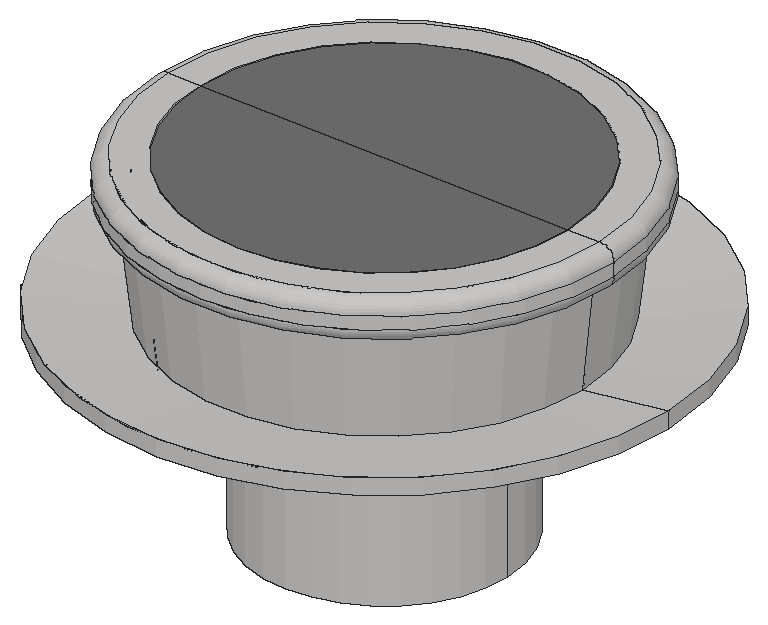
Revit family
Parameters (values of type "4" Diameter")
  Weight (lb) = 18.29
  Waste Connection = no
  Warranty = "1 year material and workmanship"  # constant formula
  Vent Connection = no
  URL = "http://www.jrsmith.com"
  Technical and Installation = "http://www.jrsmith.com/products/sanit/tech_data_index.htm"
  SmartBIM Object Version = 3  # constant formula
  SmartBIM Object Created By = "Reed Construction Data"  # constant formula
  Product URL = "http://www.jrsmith.com/products/sanit/submittal/d3020.pdf"
  Pipe Radius = Pipe Diameter / 2  # 2"
  Pipe Diameter = 4"
  OmniClass Title = "Sanitary Drains"  # constant formula
  OmniClass Code = "22-22 13 19"  # constant formula
  Model = "3020"  # constant formula
  Material Finish = Duco Coated
  Material = Stainless Steel Brushed
  Manufacturer = "Jay R. Smith Mfg. Co. "  # constant formula
  Maintenance = ""
  HW Connection = no
  Free Area (sq. in) = "17.35"
  Description = "Cast iron flanged receptor with seepage holes, acid resistant coated interior, nickel bronze rim, and secured grate"  # constant formula
  Default Elevation = 0"
  CW Connection = no
  Assembly Code = "D2030300"
  95 CSI = "15155"  # constant formula
  04 CSI = "22 13 19"  # constant formula
Types (3): name | Weight (lb) | Pipe Radius | Pipe Diameter
  2" Diameter | 18.44 | 1" | 2"
  3" Diameter | 18.3 | 1 1/2" | 3"
  4" Diameter | 18.29 | 2" | 4"
Reference planes (in)
  plane 1 "Center (Front/Back)": y = 0
  plane 2: z = 0
  plane 3 "Center (Left/Right)": x = 3.81453
  plane 4: x = -1.43547
  plane 5: x = 9.06453
Forms (in)
  Revolve 1, solid, material "Stainless Steel Brushed" <- "Material"
    sketch origin (0, 0, -2.43292) x (1, 0, 0) y (0, 0, 1)
      loop
        line (5.81453, 0) -> (6.09032, 0) -> (6.09032, 2.43292) -> (7.09032, 2.43292) -> (7.09032, 2.65442) -> (5.81453, 2.65442) -> (5.81453, 0)
      axis (3.81453, 0) -> (3.81453, 2.65442)
    angle from 0 to 360
  Revolve 2, solid, material "Stainless Steel Brushed" <- "Material"
    sketch origin (0, 0, -2.43292) x (1, 0, 0) y (0, 0, 1)
      loop
        line (6.09032, 2.43292) -> (6.32861, 2.43292) -> (6.32861, 2.65442) -> (7.14009, 2.65442)
        arc (7.14009, 2.65442) -> (7.30618, 2.71756) -> (7.38837, 2.8751) r 0.25
        line (7.38837, 2.8751) -> (7.42555, 3.18988)
        arc (7.42555, 3.18988) -> (7.46079, 3.2631) -> (7.5336, 3.29918) r 0.125
        line (7.5336, 3.29918) -> (9.06453, 3.49776) -> (9.06453, 3.78411) -> (7.4715, 3.579) -> (7.68729, 5.40601) -> (7.79927, 5.40601)
        arc (7.79927, 5.40601) -> (7.97605, 5.47923) -> (8.04927, 5.65601) r 0.25
        line (8.04927, 5.65601) -> (8.04927, 5.8846)
        arc (8.04927, 5.8846) -> (7.97605, 6.06138) -> (7.79927, 6.1346) r 0.25
        line (7.79927, 6.1346) -> (7.20665, 6.1346) -> (7.20665, 5.93501) -> (6.65075, 5.93501) -> (6.65075, 5.827) -> (7.46443, 5.827) -> (7.11716, 2.93021) -> (6.34032, 2.93021)
        arc (6.34032, 2.93021) -> (6.16354, 2.85699) -> (6.09032, 2.68021) r 0.25
        line (6.09032, 2.68021) -> (6.09032, 2.43292)
      axis (3.81453, 6.1346) -> (3.81453, 2.43292)
    angle from 0 to 360
  Revolve 3, solid, material "Duco Coated" <- "Material Finish"
    sketch origin (0, 0, -2.43292) x (1, 0, 0) y (0, 0, 1)
      loop
        line (7.20665, 6.1346) -> (3.81453, 6.1346) -> (3.81453, 5.827) -> (5.31271, 5.827) -> (6.63573, 5.935) -> (7.20665, 5.935) -> (7.20665, 6.1346)
      axis (3.81453, 6.1346) -> (3.81453, 5.827)
    angle from 0 to 360
Cuts and joins
  joined: Revolve 1, Revolve 2
Dimensions and locks (in)
  equal spacing: plane 5, plane 3 "Center (Left/Right)", plane 4
  plane 5 to plane 4 = 10 1/2"
  "Pipe Radius": Revolve 1 sketch curve to plane 3 "Center (Left/Right)"
  aligned and locked: plane 3 "Center (Left/Right)" to Revolve 1 sketch curve
  aligned and locked: Revolve 3 sketch curve to plane 3 "Center (Left/Right)"
  aligned and locked: Revolve 3 sketch curve to Revolve 2
Automatic sketch dimensions
  Revolve 3 sketch curve to plane 3 "Center (Left/Right)" = 0"
  Revolve 3 sketch curve to Revolve 3 sketch curve = 1.32302"
  Revolve 3 sketch curve to Revolve 3 sketch curve = 0.57092"
  level to Revolve 3 sketch curve = 3.39409"
  Revolve 3 sketch curve to Revolve 3 sketch curve = 0.108"
  Revolve 3 sketch curve to Revolve 3 sketch curve = 0.1996"
  Revolve 3 sketch curve to level = 49.08847"
  Revolve 3 sketch curve to Revolve 3 sketch curve = 88.93043"
  Revolve 2 sketch curve to plane 3 "Center (Left/Right)" = 0"
  Revolve 2 sketch curve to Revolve 2 sketch curve = 3/256"
  Revolve 2 sketch curve to Revolve 2 sketch curve = 0.02294"
  Revolve 2 sketch curve to Revolve 2 sketch curve = 0.55589"
  Revolve 2 sketch curve to Revolve 2 sketch curve = 0.03718"
  Revolve 2 sketch curve to Revolve 2 sketch curve = 0.25779"
  Revolve 2 sketch curve to Revolve 2 sketch curve = 0.04596"
  Revolve 2 sketch curve to Revolve 2 sketch curve = 0.10806"
  Revolve 2 sketch curve to Revolve 2 sketch curve = 0.12414"
  Revolve 2 sketch curve to Revolve 2 sketch curve = 0.22286"
  Revolve 2 sketch curve to Revolve 2 sketch curve = 0.11199"
  Revolve 2 sketch curve to Revolve 2 sketch curve = 0.33484"
  Revolve 2 sketch curve to Revolve 2 sketch curve = 1/4"
  Revolve 2 sketch curve to level = 49.08847"
  Revolve 2 sketch curve to Revolve 2 sketch curve = 0.22151"
  Revolve 2 sketch curve to Revolve 2 sketch curve = 0.22068"
  Revolve 2 sketch curve to Revolve 2 sketch curve = 0.02579"  (x2)
  Revolve 2 sketch curve to Revolve 2 sketch curve = 0.30012"
  Revolve 2 sketch curve to Revolve 2 sketch curve = 0.01466"
  Revolve 2 sketch curve to Revolve 2 sketch curve = 0.19859"
  Revolve 2 sketch curve to Revolve 2 sketch curve = 0.27982"
  Revolve 2 sketch curve to Revolve 2 sketch curve = 0.28635"
  Revolve 2 sketch curve to Revolve 2 sketch curve = 0.171"
  Revolve 2 sketch curve to Revolve 2 sketch curve = 0.2286"
  Revolve 2 sketch curve to Revolve 2 sketch curve = 0.108"
  Revolve 2 sketch curve to Revolve 2 sketch curve = 88.93043"
  Revolve 2 sketch curve to Revolve 2 sketch curve = 61/256"
  Revolve 1 sketch curve to level = 0"
  level to Revolve 1 sketch curve = 0.22151"
  Revolve 1 sketch curve to Revolve 1 sketch curve = 2.43292"
  Revolve 1 sketch curve to Revolve 1 sketch curve = 2 3/4"
  level to Revolve 1 sketch curve = 0.56708"
  Revolve 1 sketch curve to Revolve 1 sketch curve = 0.27579"
  Revolve 1 sketch curve to Revolve 1 sketch curve = 1"
  Revolve 2 sketch curve to level = 0"
  Revolve 2 sketch curve to Revolve 2 sketch curve = 0.77684"
  plane 5 to Revolve 2 sketch curve = 0"
  plane 3 "Center (Left/Right)" to Revolve 2 sketch curve = 2.27579"
  plane 5 to Revolve 2 sketch curve = 2.41377"
  Revolve 2 sketch curve to Revolve 2 sketch curve = 1.82701"
Connectors (in)
  piping at (3.81453, 0, -2.43292), driven by "Pipe Radius"
    settings: on cut or joined group of Revolve 1, Revolve 2, index 1
